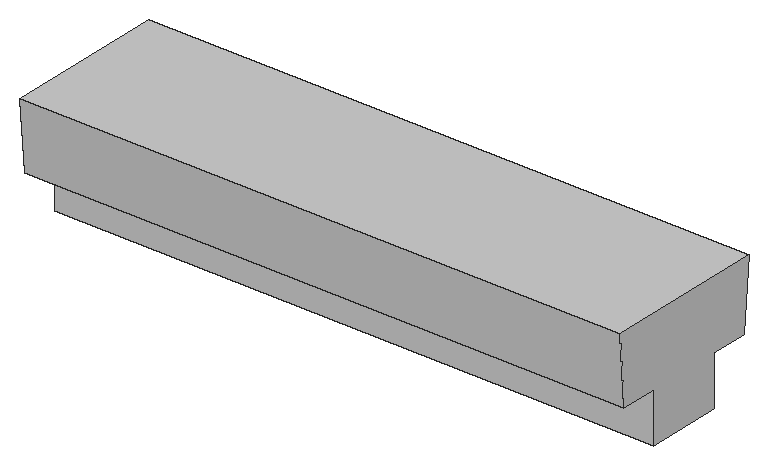
Revit family "a5d443ba22be4d0e93f77c82acf3153c", category Structural Framing, Revit 2021
Family settings
  Display in Hidden Views = Edges Hidden by Beam Itself
  Structural Framing Length Roundoff = 0' - 0"
  Section Shape = Not Defined
  Material for Model Behavior = Concrete
  Always export as geometry = No
  OmniClass Number = 23.25.30.11.14.14
  OmniClass Title = Beams
  Seek Item ID = Pan Joist With Ledges-0000-USA-ENU
  Always vertical = Yes
  Cut with Voids When Loaded = No
  Symbolic Representation = From Family
  Shared = No
  Show family pre-cut in plan views = Yes
Parameters (values of type "6 x 14")
  Taper Right Dim = if(Taper Right, 1, 0) * (Adjacent Beam Depth - Slab Thickness) / 12  # 0' - 0.45833"
  Taper Right = yes
  Taper Left Dim = if(Taper Left, 1, 0) * (Adjacent Beam Depth - Slab Thickness) / 12  # 0' - 0.45833"
  Taper Left = yes
  Structural Material [instance] = Concrete, Cast-in-Place gray
  Slab Thickness = 0' - 4 1/2"
  Pan Infill Right = 0' - 3"
  Pan Infill Left = 0' - 3"
  Assembly Code = "B10"
  Length [instance] = 5' - 0"
  b = 0' - 6"
  h = 1' - 2"
  Adjacent Beam Depth = 0' - 10"
Types (17): name | Taper Right Dim | Taper Right | Taper Left Dim | Taper Left | Pan Infill Right | Pan Infill Left | h | Adjacent Beam Depth
  (no name) | 0' - 0.45833" | yes | 0' - 0.45833" | yes | 0' - 3" | 0' - 3" | 1' - 2" | 0' - 10"
  6 x 14 | 0' - 0.45833" | yes | 0' - 0.45833" | yes | 0' - 3" | 0' - 3" | 1' - 2" | 0' - 10"
  6 x 16 | 0' - 0 5/8" | yes | 0' - 0 5/8" | yes | 0' - 3" | 0' - 3" | 1' - 4" | 1' - 0"
  6 x 20 | 0' - 0.79167" | yes | 0' - 0.79167" | yes | 0' - 3" | 0' - 3" | 1' - 8" | 1' - 2"
  6 x 24 | 0' - 0.95833" | yes | 0' - 0.95833" | yes | 0' - 3" | 0' - 3" | 2' - 0" | 1' - 4"
  6 x 14 Edge Beam 1 | 0' - 0" | no | 0' - 0" | no | 0' - 3" | 0' - 0" | 1' - 2" | 0' - 10"
  6 x 14 Edge Beam 2 | 0' - 0" | no | 0' - 0" | no | 0' - 0" | 0' - 3" | 1' - 2" | 0' - 10"
  6 x 16 Edge Beam 1 | 0' - 0" | no | 0' - 0" | no | 0' - 3" | 0' - 0" | 1' - 4" | 1' - 0"
  6 x 16 Edge Beam 2 | 0' - 0" | no | 0' - 0" | no | 0' - 0" | 0' - 3" | 1' - 4" | 1' - 0"
  6 x 20 Edge Beam 1 | 0' - 0" | no | 0' - 0" | no | 0' - 3" | 0' - 0" | 1' - 8" | 1' - 2"
  6 x 20 Edge Beam 2 | 0' - 0" | no | 0' - 0" | no | 0' - 0" | 0' - 3" | 1' - 8" | 1' - 2"
  6 x 24 Edge Beam 1 | 0' - 0" | no | 0' - 0" | no | 0' - 3" | 0' - 0" | 2' - 0" | 1' - 4"
  6 x 24 Edge Beam 2 | 0' - 0" | no | 0' - 0" | no | 0' - 0" | 0' - 3" | 2' - 0" | 1' - 4"
  6 x 14 T-Shape | 0' - 0" | no | 0' - 0" | no | 0' - 3" | 0' - 3" | 1' - 2" | 0' - 10"
  6 x 16 T-Shape | 0' - 0" | no | 0' - 0" | no | 0' - 3" | 0' - 3" | 1' - 4" | 1' - 0"
  6 x 20 T-Shape | 0' - 0" | no | 0' - 0" | no | 0' - 3" | 0' - 3" | 1' - 8" | 1' - 2"
  6 x 24 T-Shape | 0' - 0" | no | 0' - 0" | no | 0' - 3" | 0' - 3" | 2' - 0" | 1' - 4"
Reference planes (in)
  plane 1 "Center (Front/Back)": y = 0
  plane 2: z = 0
  plane 3 "Center (Left/Right)": x = 0.1815
  plane 4 "Member Left": x = -23.8185
  plane 5 "Member Right": x = 24.1815
  plane 6: y = 3
  plane 7: y = -3
  plane 8 "Top Of Slab": z = 7
  plane 9 "Bottom": z = -7
  plane 10 "Left": x = -29.8185
  plane 11 "Right": x = 30.1815
  plane 12: y = -6.45833
  plane 13: y = 6.45833
  plane 14 "Top Of Joist": z = 2.5
  plane 15: y = 6
  plane 16: y = -6
  plane 17: z = -3
Forms (in)
  Sweep 1, solid, material "Concrete, Cast-in-Place gray" <- "Structural Material"
    path origin (0, 0, 0) x (1, 0, 0) y (0, 1, 0)
      loop
        line (24.1815, 0) -> (-23.8185, 0)
    profile origin (0.1815, 0, 0) x (0, -1, 0) y (0, 0, 1)
      loop
        line (-6.45833, 2.5) -> (-6, -3) -> (6, -3) -> (6.45833, 2.5) -> (-6.45833, 2.5)
  Sweep 2, solid, material "Concrete, Cast-in-Place gray" <- "Structural Material"
    path origin (0, 0, -5.5) x (1, 0, 0) y (0, 1, 0)
      loop
        line (24.1815, 0) -> (-23.8185, 0)
    profile origin (0.1815, 0, -5.5) x (0, -1, 0) y (0, 0, 1)
      loop
        line (-3, 2.5) -> (-3, -1.5) -> (3, -1.5) -> (3, 2.5) -> (-3, 2.5)
Cuts and joins
  joined: Sweep 1, Sweep 2
Dimensions and locks (in)
  "b": plane 6 to plane 7
  equal spacing: plane 9 "Bottom", plane 2, plane 8 "Top Of Slab"
  equal spacing: plane 6, plane 1 "Center (Front/Back)", plane 7
  "h": plane 9 "Bottom" to plane 8 "Top Of Slab"
  "Length": plane 10 "Left" to plane 11 "Right"
  "Slab Thickness": plane 8 "Top Of Slab" to plane 14 "Top Of Joist"
  "Pan Infill Left": plane 15 to plane 6
  "Pan Infill Right": plane 7 to plane 16
  "Adjacent Beam Depth": plane 8 "Top Of Slab" to plane 17
  "Taper Right Dim": plane 16 to plane 12
  "Taper Left Dim": plane 13 to plane 15
  level to plane 2 = 0' - 0"
  aligned and locked: Sweep 1 sketch curve to plane 1 "Center (Front/Back)"
  aligned and locked: plane 4 "Member Left" to Sweep 1 sketch curve
  aligned and locked: plane 5 "Member Right" to Sweep 1 sketch curve
  aligned and locked: plane 6 to Sweep 2 sketch curve
  aligned and locked: Sweep 2 sketch curve to plane 17
  aligned and locked: plane 9 "Bottom" to Sweep 2 sketch curve
  aligned and locked: plane 7 to Sweep 2 sketch curve
  aligned and locked: plane 13 to Sweep 1 sketch curve
  aligned and locked: plane 12 to Sweep 1 sketch curve
  aligned and locked: plane 15 to Sweep 1 sketch curve
  aligned and locked: plane 16 to Sweep 1 sketch curve
  aligned and locked: Sweep 1 sketch curve to plane 17
  aligned and locked: Sweep 1 sketch curve to plane 14 "Top Of Joist"
  aligned and locked: plane 9 "Bottom" to cut or joined group of Sweep 1, Sweep 2
  aligned and locked: cut or joined group of Sweep 1, Sweep 2 to plane 17
  aligned and locked: plane 14 "Top Of Joist" to cut or joined group of Sweep 1, Sweep 2
Automatic sketch dimensions
  Sweep 2 sketch curve to plane 1 "Center (Front/Back)" = 0' - 0"
  Sweep 2 sketch curve to plane 4 "Member Left" = 0' - 0"
  Sweep 2 sketch curve to plane 5 "Member Right" = 0' - 0"
